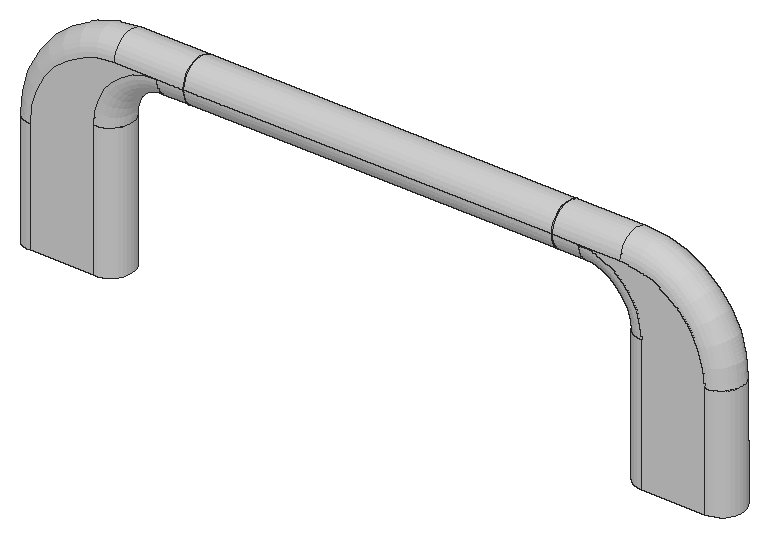
Revit family "CONTURA II HAND TOWEL RAIL", category Specialty Equipment, host Face, Revit 2020
Family settings
  Host = Face
  Round Connector Dimension = Use Radius
  Part Type = Normal
  OmniClass Number = 23.40.20.21.27
  OmniClass Title = Towel Bars
  Cut with Voids When Loaded = No
  Shared = No
  Room Calculation Point = No
Parameters (values of type "CONTURA II HAND TOWEL RAIL - CHROME")
  URL = "https://www.caroma.com.au/"
  Model = "849032C"
  Material_Base = GWA_Metal-Chrome
  Manufacturer = "GWA Bathrooms & Kitchens"  # constant formula
  Description = "CONTURA II HAND TOWEL RAIL - CHROME"
  Default Elevation = 1000 mm
  CreatedBy_ANZRS = "GWA Bathrooms & Kitchens"  # constant formula
  Assembly Code = "C1030220"
Types (6, lengths in mm): name | Model | Material_Base | Description
  (no name) | "849032C" | GWA_Metal-Chrome | "CONTURA II HAND TOWEL RAIL - CHROME"
  CONTURA II HAND TOWEL RAIL - CHROME | "849032C" | GWA_Metal-Chrome | "CONTURA II HAND TOWEL RAIL - CHROME"
  CONTURA II HAND TOWEL RAIL - MATTE BLACK | "849032B" | GWA-Metal-Black | "CONTURA II HAND TOWEL RAIL - MATTE BLACK"
  CONTURA II HAND TOWEL RAIL - BRUSHED BRASS | "849032BB" | GWA_Metal-Brushed-Brass | "CONTURA II HAND TOWEL RAIL - BRUSHED BRASS"
  CONTURA II HAND TOWEL RAIL - BRUSHED BRONZE | "849032BBZ" | GWA_Metal-Brushed-Bronze | "CONTURA II HAND TOWEL RAIL - BRUSHED BRONZE"
  CONTURA II HAND TOWEL RAIL - BRUSHED NICKEL | "849032BN" | GWA_Metal-Brushed-Nickel | "CONTURA II HAND TOWEL RAIL - BRUSHED NICKEL"
Reference planes
  plane 1 "Center (Front/Back)": y = 0
  plane 2: z = 0
  plane 3 "Center (Left/Right)": x = 0
  plane 4 "Rail": z = 75
Forms (mm)
  Extrusion 1, solid, material "GWA_Metal-Chrome" <- "Material_Base"
    sketch origin (116, 0, -8) x (1, 0, 0) y (0, 0, 1)
      loop
        arc (-36, 75) -> (-24.686, 70.314) -> (-20, 59) r 16
        line (-20, 59) -> (-20, 8) -> (20, 8) -> (20, 51)
        arc (20, 51) -> (8.284, 79.284) -> (-20, 91) r 40
        line (-20, 91) -> (-46, 91) -> (-46, 75) -> (-36, 75)
    from -8 to 8
  Sweep 2, void
    path origin (116, 0, -8) x (1, 0, 0) y (0, 0, 1)
      loop
        line (-46, 91) -> (-20, 91)
        arc (-20, 91) -> (8.284, 79.284) -> (20, 51) r 40
        line (20, 51) -> (20, 8)
    profile origin (136, 0, 21.5) x (0, -1, 0) y (1, 0, 0)
      loop
        line (8, -8) -> (10, -8) -> (10, 2) -> (-10, 2) -> (-10, -8) -> (-8, -8)
        arc (-8, -8) -> (0, 0) -> (8, -8) r 8
  Sweep 3, void
    path origin (116, 0, -8) x (1, 0, 0) y (0, 0, 1)
      loop
        line (-46, 75) -> (-36, 75)
        arc (-36, 75) -> (-24.686, 70.314) -> (-20, 59) r 16
        line (-20, 59) -> (-20, 8)
    profile origin (96, 0, 25.5) x (0, -1, 0) y (1, 0, 0)
      loop
        arc (8, 8) -> (0, 0) -> (-8, 8) r 8
        line (-8, 8) -> (-10, 8) -> (-10, -2) -> (10, -2) -> (10, 8) -> (8, 8)
  Sweep 4, solid, material "GWA_Metal-Chrome" <- "Material_Base"
    path origin (0, 0, 75) x (0, -1, 0) y (1, 0, 0)
      loop
        line (0, 70) -> (0, -70)
    profile origin (0, 0, 75) x (0, -1, 0) y (0, 0, 1)
      loop
        circle (0, 0) r 8
  Extrusion 5, solid, material "GWA_Metal-Chrome" <- "Material_Base"
    sketch origin (-116, 0, -8) x (-1, 0, 0) y (0, 0, -1)
      loop
        line (-36, -75) -> (-46, -75) -> (-46, -91) -> (-20, -91)
        arc (-20, -91) -> (8.284, -79.284) -> (20, -51) r 40
        line (20, -51) -> (20, -8) -> (-20, -8) -> (-20, -59)
        arc (-20, -59) -> (-24.686, -70.314) -> (-36, -75) r 16
    from -8 to 8
  Sweep 6, void
    path origin (-116, 0, -8) x (-1, 0, 0) y (0, 0, 1)
      loop
        line (-46, 91) -> (-20, 91)
        arc (-20, 91) -> (8.284, 79.284) -> (20, 51) r 40
        line (20, 51) -> (20, 8)
    profile origin (-136, 0, 21.5) x (0, -1, 0) y (1, 0, 0)
      loop
        arc (8, 8) -> (0, 0) -> (-8, 8) r 8
        line (-8, 8) -> (-10, 8) -> (-10, -2) -> (10, -2) -> (10, 8) -> (8, 8)
  Sweep 7, void
    path origin (-116, 0, -8) x (-1, 0, 0) y (0, 0, 1)
      loop
        line (-46, 75) -> (-36, 75)
        arc (-36, 75) -> (-24.686, 70.314) -> (-20, 59) r 16
        line (-20, 59) -> (-20, 8)
    profile origin (-96, 0, 25.5) x (0, -1, 0) y (1, 0, 0)
      loop
        line (8, -8) -> (10, -8) -> (10, 2) -> (-10, 2) -> (-10, -8) -> (-8, -8)
        arc (-8, -8) -> (0, 0) -> (8, -8) r 8
Cuts and joins
  Sweep 2, Sweep 3, Sweep 6, Sweep 7 cuts Extrusion 1
  Sweep 6, Sweep 7 cuts Extrusion 5
Lines and regions (mm)
  Masking region 1
    outline origin (300, 0, 0) x (0, 1, 0) y (0, 0, 1)
      loop
        line (-8, 0) -> (8, 0) -> (8, 83)
        arc (8, 83) -> (0, 91) -> (-8, 83) r 8
        line (-8, 83) -> (-8, 0)
  Masking region 2
    outline origin (0, 0, 75) x (0, -1, 0) y (1, 0, 0)
      loop
        arc (-8, -128) -> (0, -136) -> (8, -128) r 8
        line (8, -128) -> (8, 128)
        arc (8, 128) -> (0, 136) -> (-8, 128) r 8
        line (-8, 128) -> (-8, -128)
  Masking region 3
    outline origin (0, 0, 0) x (1, 0, 0) y (0, 0, 1)
      loop
        line (136, 0) -> (136, 43)
        arc (136, 43) -> (124.284, 71.284) -> (96, 83) r 40
        line (96, 83) -> (-96, 83)
        arc (-96, 83) -> (-124.284, 71.284) -> (-136, 43) r 40
        line (-136, 43) -> (-136, 0) -> (-96, 0) -> (-96, 51)
        arc (-96, 51) -> (-91.314, 62.314) -> (-80, 67) r 16
        line (-80, 67) -> (80, 67)
        arc (80, 67) -> (91.314, 62.314) -> (96, 51) r 16
        line (96, 51) -> (96, 0) -> (136, 0)
  symbolic lines
    curve 1: line (-128, 8, 75) -> (128, 8, 75)
    curve 2: arc (128, 8, 75) -> (136, 0, 75) -> (128, -8, 75) r 8
    curve 3: line (128, -8, 75) -> (-128, -8, 75)
    curve 4: line (70, 8, 75) -> (70, -8, 75)
    curve 5: line (300, -8, 0) -> (300, 8, 0)
    curve 6: line (300, 8, 0) -> (300, 8, 83)
    curve 7: arc (300, 8, 83) -> (300, 0, 91) -> (300, -8, 83) r 8
    curve 8: line (300, -8, 83) -> (300, -8, 0)
    curve 9: arc (-128, 8, 75) -> (-136, 0, 75) -> (-128, -8, 75) r 8
    curve 10: line (-70, 8, 75) -> (-70, -8, 75)
    curve 11: line (136, 0, 0) -> (96, 0, 0)
    curve 12: line (96, 0, 0) -> (96, 0, 51)
    curve 13: line (136, 0, 0) -> (136, 0, 43)
    curve 14: line (-96, 0, 83) -> (96, 0, 83)
    curve 15: line (80, 0, 67) -> (-80, 0, 67)
    curve 16: line (70, 0, 67) -> (70, 0, 83)
    curve 17: arc (96, 0, 51) -> (91.314, 0, 62.314) -> (80, 0, 67) r 16
    curve 18: arc (136, 0, 43) -> (124.284, 0, 71.284) -> (96, 0, 83) r 40
    curve 19: line (-136, 0, 0) -> (-96, 0, 0)
    curve 20: line (-96, 0, 0) -> (-96, 0, 51)
    curve 21: line (-136, 0, 0) -> (-136, 0, 43)
    curve 22: line (-70, 0, 67) -> (-70, 0, 83)
    curve 23: arc (-96, 0, 51) -> (-91.314, 0, 62.314) -> (-80, 0, 67) r 16
    curve 24: arc (-136, 0, 43) -> (-124.284, 0, 71.284) -> (-96, 0, 83) r 40
Dimensions and locks
  Extrusion 1 sketch curve to Extrusion 1 sketch curve = 40 mm  (x2)
  Extrusion 5 sketch curve to Extrusion 5 sketch curve = 40 mm  (x2)
  aligned and locked: plane 2 to host face
  aligned and locked: level to host face
